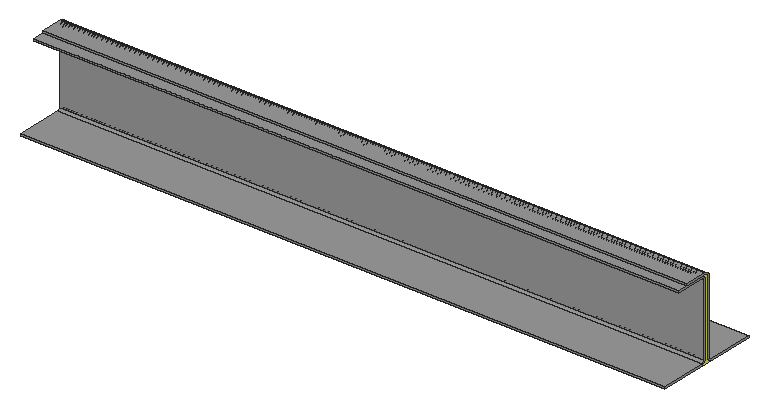
Revit family "HDTW K", category Generic Models, Revit 2014
Parameters (values of type "Max lintel length 3000mm")
  URL = "http://www.keystonelintels.co.uk"
  Structural Opening [instance] = 900 mm
  Structural Performance = "The Keystone lintel range has safe working loads as detailed in each applicable loading table in the Keystone Lintel Guide brochure. The structural performance figures within each table have been ascertained by testing in accordance with the requirements of standards BS EN 5977-2: 1983 and BS EN 845-2: 2003."
  RIBA Productor Selector = "available for Keystone Lintels Ltd from Keystone Lintels Ltd from ribaproductselector.com"
  Model = "HDTW/K"
  Min Length = 600 mm
  Min Clear Span = 300 mm
  Max Length = 3000 mm
  Max Clear Span = 3000 mm
  Material - Stainless Steel = "Grade 304 2b 1.4307 to BS EN 10088-2. Other grades available on request: contact manufacturer."
  Material - Galvanised Steel = "To BS EN 10346: 2009. DX51D plus Z600 or grade Z275 to BS 5977-2: 1983 (BS EN 845-2: 2003)."
  Manufacturer = "Keystone"
  Manufactured Length [instance] = (roundup(Effective Length / 150 mm) * 150 mm)  # 1200 mm
  Lintel height [instance] = 2100 mm
  Keynote = "F30/755"
  Fire Performance = "Keystone lintels have been subjected to a fire test (WARRES No. 101263) in accordance with BS 476-20: 1987, at Exova Warrington Fire and achieved a one hour fire performance."
  End Bearing = 150 mm
  Effective Length [instance] = Clear Opening with MIN MAX set + End Bearing * 2  # 1200 mm
  Corrosion = "Keystone’s standard range of lintels are manufactured from high quality grade pre-galvanized carbon steel with a zinc coating of 600"
  Contact Tel = "+44 (0)28 8676 2184"
  Contact Email = "info@keystonelintels.co.uk"
  Clear Opening with MIN MAX set [instance] = if(Structural Opening < Min Clear Span, Min Clear Span, (if(Structural Opening > Max Clear Span, Max Clear Span, Structural Opening)))  # 900 mm
  CPD Information = "Available for Keystone Lintels Ltd from ribacpd.com"
Reference planes
  plane 1 "Center (Front/Back)": y = 0
  plane 2: z = 0
  plane 3 "Center (Left/Right)": x = 0
  plane 4: x = -600
  plane 5: x = 600
  plane 6: z = 2100
  plane 7: x = -450
  plane 8: x = 450
Forms (mm)
  Extrusion 1, solid, material "Steel"
    sketch origin (0, 715.186, -534.217) x (0, 1, 0) y (0, 0, 1)
      loop
        line (-707.686, 2634.217) -> (-619.486, 2634.217) -> (-619.486, 2637.417) -> (-707.686, 2637.417)
        arc (-707.686, 2637.417) -> (-710.727, 2638.676) -> (-711.986, 2641.717) r 4.3
        line (-711.986, 2641.717) -> (-711.986, 2778.065)
        arc (-711.986, 2778.065) -> (-714.388, 2783.864) -> (-720.186, 2786.265) r 8.2
        line (-720.186, 2786.265) -> (-761.986, 2786.265) -> (-761.986, 2783.065) -> (-720.186, 2783.065)
        arc (-720.186, 2783.065) -> (-716.651, 2781.601) -> (-715.186, 2778.065) r 5
        line (-715.186, 2778.065) -> (-715.186, 2641.717)
        arc (-715.186, 2641.717) -> (-712.989, 2636.414) -> (-707.686, 2634.217) r 7.5
    from -600 to 600
  Extrusion 2, solid, material "Steel"
    sketch origin (0, 715.186, -534.217) x (0, 1, 0) y (0, 0, 1)
      loop
        line (-814.486, 2634.217) -> (-726.286, 2634.217)
        arc (-726.286, 2634.217) -> (-720.983, 2636.414) -> (-718.786, 2641.717) r 7.5
        line (-718.786, 2641.717) -> (-718.786, 2775.165)
        arc (-718.786, 2775.165) -> (-721.1, 2780.751) -> (-726.686, 2783.065) r 7.9
        line (-726.686, 2783.065) -> (-781.986, 2783.065) -> (-781.986, 2779.865) -> (-726.686, 2779.865)
        arc (-726.686, 2779.865) -> (-723.363, 2778.489) -> (-721.986, 2775.165) r 4.7
        line (-721.986, 2775.165) -> (-721.986, 2641.717)
        arc (-721.986, 2641.717) -> (-723.246, 2638.676) -> (-726.286, 2637.417) r 4.3
        line (-726.286, 2637.417) -> (-814.486, 2637.417) -> (-814.486, 2634.217)
    from -600 to 600
  Extrusion 3, solid, material "Insulation"
    sketch origin (0, 715.186, -534.217) x (0, 1, 0) y (0, 0, 1)
      loop
        arc (-715.186, 2778.065) -> (-716.651, 2781.601) -> (-720.186, 2783.065) r 5
        line (-720.186, 2783.065) -> (-726.686, 2783.065)
        arc (-726.686, 2783.065) -> (-721.1, 2780.751) -> (-718.786, 2775.165) r 7.9
        line (-718.786, 2775.165) -> (-718.786, 2641.717)
        arc (-718.786, 2641.717) -> (-720.983, 2636.414) -> (-726.286, 2634.217) r 7.5
        line (-726.286, 2634.217) -> (-707.686, 2634.217)
        arc (-707.686, 2634.217) -> (-712.989, 2636.414) -> (-715.186, 2641.717) r 7.5
        line (-715.186, 2641.717) -> (-715.186, 2778.065)
    from -600 to 600
  Extrusion 4, solid, not visible
    sketch origin (0, 847.408, 1218.769) x (0, 1, 0) y (0, 0, 1)
      loop
        line (-707.686, 1034.217) -> (-619.486, 1034.217) -> (-619.486, 1037.417) -> (-707.686, 1037.417)
        arc (-707.686, 1037.417) -> (-710.727, 1038.676) -> (-711.986, 1041.717) r 4.3
        line (-711.986, 1041.717) -> (-711.986, 1178.065)
        arc (-711.986, 1178.065) -> (-714.388, 1183.864) -> (-720.186, 1186.265) r 8.2
        line (-720.186, 1186.265) -> (-761.986, 1186.265) -> (-761.986, 1183.065) -> (-720.186, 1183.065)
        arc (-720.186, 1183.065) -> (-716.651, 1181.601) -> (-715.186, 1178.065) r 5
        line (-715.186, 1178.065) -> (-715.186, 1041.717)
        arc (-715.186, 1041.717) -> (-712.989, 1036.414) -> (-707.686, 1034.217) r 7.5
    from 0 to 250
  Extrusion 5, solid, not visible
    sketch origin (0, 634.118, 1266.707) x (0, 1, 0) y (0, 0, 1)
      loop
        line (-814.486, 1034.217) -> (-726.286, 1034.217)
        arc (-726.286, 1034.217) -> (-720.983, 1036.414) -> (-718.786, 1041.717) r 7.5
        line (-718.786, 1041.717) -> (-718.786, 1175.165)
        arc (-718.786, 1175.165) -> (-721.1, 1180.751) -> (-726.686, 1183.065) r 7.9
        line (-726.686, 1183.065) -> (-781.986, 1183.065) -> (-781.986, 1179.865) -> (-726.686, 1179.865)
        arc (-726.686, 1179.865) -> (-723.363, 1178.489) -> (-721.986, 1175.165) r 4.7
        line (-721.986, 1175.165) -> (-721.986, 1041.717)
        arc (-721.986, 1041.717) -> (-723.246, 1038.676) -> (-726.286, 1037.417) r 4.3
        line (-726.286, 1037.417) -> (-814.486, 1037.417) -> (-814.486, 1034.217)
    from 0 to 250
  Extrusion 6, solid, not visible
    sketch origin (0, 868.725, 837.214) x (0, 1, 0) y (0, 0, 1)
      loop
        arc (-715.186, 1178.065) -> (-716.651, 1181.601) -> (-720.186, 1183.065) r 5
        line (-720.186, 1183.065) -> (-726.686, 1183.065)
        arc (-726.686, 1183.065) -> (-721.1, 1180.751) -> (-718.786, 1175.165) r 7.9
        line (-718.786, 1175.165) -> (-718.786, 1041.717)
        arc (-718.786, 1041.717) -> (-720.983, 1036.414) -> (-726.286, 1034.217) r 7.5
        line (-726.286, 1034.217) -> (-707.686, 1034.217)
        arc (-707.686, 1034.217) -> (-712.989, 1036.414) -> (-715.186, 1041.717) r 7.5
        line (-715.186, 1041.717) -> (-715.186, 1178.065)
    from 0 to 250
Dimensions and locks
  equal spacing: plane 4, plane 3 "Center (Left/Right)", plane 5
  "Manufactured Length": plane 4 to plane 5
  "Lintel height": plane 6 to level
  "Structural Opening": plane 7 to plane 8
  equal spacing: plane 7, plane 3 "Center (Left/Right)", plane 8
  aligned and locked: level to plane 2
  aligned and locked: Extrusion 1 to plane 6
  aligned and locked: Extrusion 3 to plane 6
  aligned and locked: Extrusion 2 to plane 6
  aligned and locked: plane 5 to Extrusion 2
  aligned and locked: Extrusion 2 to plane 4
  aligned and locked: plane 5 to Extrusion 1
  aligned and locked: Extrusion 1 to plane 4
  aligned and locked: Extrusion 3 to plane 4
  aligned and locked: plane 5 to Extrusion 3
Automatic sketch dimensions
  Extrusion 1 sketch curve to Extrusion 1 sketch curve = 88.2 mm
  Extrusion 1 sketch curve to Extrusion 1 sketch curve = 3.2 mm
  Extrusion 1 sketch curve to Extrusion 1 sketch curve = 4.3 mm
  Extrusion 1 sketch curve to Extrusion 1 sketch curve = 136.348 mm
  Extrusion 1 sketch curve to Extrusion 1 sketch curve = 5 mm
  Extrusion 1 sketch curve to Extrusion 1 sketch curve = 0 mm  (x8)
  Extrusion 1 sketch curve to Extrusion 1 sketch curve = 41.8 mm
  Extrusion 2 sketch curve to Extrusion 2 sketch curve = 88.2 mm
  Extrusion 2 sketch curve to Extrusion 2 sketch curve = 3.2 mm
  Extrusion 2 sketch curve to Extrusion 2 sketch curve = 4.3 mm
  Extrusion 2 sketch curve to Extrusion 2 sketch curve = 133.448 mm
  Extrusion 2 sketch curve to Extrusion 2 sketch curve = 0 mm  (x8)
  Extrusion 2 sketch curve to Extrusion 2 sketch curve = 4.7 mm
  Extrusion 2 sketch curve to Extrusion 2 sketch curve = 55.3 mm
  Extrusion 3 sketch curve to Extrusion 3 sketch curve = 0.4 mm
  Extrusion 3 sketch curve to Extrusion 3 sketch curve = 6.5 mm
  Extrusion 3 sketch curve to Extrusion 3 sketch curve = 1.4 mm
  Extrusion 3 sketch curve to Extrusion 3 sketch curve = 3.6 mm
  Extrusion 3 sketch curve to Extrusion 3 sketch curve = 0 mm  (x2)
  Extrusion 3 sketch curve to Extrusion 3 sketch curve = 133.448 mm
  Extrusion 3 sketch curve to Extrusion 3 sketch curve = 2.9 mm
  Extrusion 4 sketch curve to Extrusion 4 sketch curve = 88.2 mm
  Extrusion 4 sketch curve to Extrusion 4 sketch curve = 3.2 mm
  Extrusion 4 sketch curve to Extrusion 4 sketch curve = 4.3 mm
  Extrusion 4 sketch curve to Extrusion 4 sketch curve = 136.348 mm
  Extrusion 4 sketch curve to Extrusion 4 sketch curve = 5 mm
  Extrusion 4 sketch curve to Extrusion 4 sketch curve = 0 mm  (x8)
  Extrusion 4 sketch curve to Extrusion 4 sketch curve = 41.8 mm
  Extrusion 5 sketch curve to Extrusion 5 sketch curve = 88.2 mm
  Extrusion 5 sketch curve to Extrusion 5 sketch curve = 3.2 mm
  Extrusion 5 sketch curve to Extrusion 5 sketch curve = 4.3 mm
  Extrusion 5 sketch curve to Extrusion 5 sketch curve = 133.448 mm
  Extrusion 5 sketch curve to Extrusion 5 sketch curve = 0 mm  (x8)
  Extrusion 5 sketch curve to Extrusion 5 sketch curve = 4.7 mm
  Extrusion 5 sketch curve to Extrusion 5 sketch curve = 55.3 mm
  Extrusion 6 sketch curve to Extrusion 6 sketch curve = 0.4 mm
  Extrusion 6 sketch curve to Extrusion 6 sketch curve = 6.5 mm
  Extrusion 6 sketch curve to Extrusion 6 sketch curve = 1.4 mm
  Extrusion 6 sketch curve to Extrusion 6 sketch curve = 3.6 mm
  Extrusion 6 sketch curve to Extrusion 6 sketch curve = 0 mm  (x2)
  Extrusion 6 sketch curve to Extrusion 6 sketch curve = 133.448 mm
  Extrusion 6 sketch curve to Extrusion 6 sketch curve = 2.9 mm
  Extrusion 3 sketch curve to plane 6 = 0 mm
  Extrusion 3 sketch curve to plane 1 "Center (Front/Back)" = 0 mm
  Extrusion 2 sketch curve to plane 6 = 0 mm
  plane 1 "Center (Front/Back)" to Extrusion 2 sketch curve = 99.3 mm
  Extrusion 1 sketch curve to plane 1 "Center (Front/Back)" = 0 mm
  Extrusion 1 sketch curve to plane 6 = 0 mm
